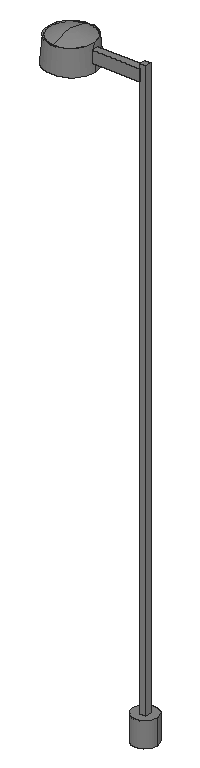
Revit family "M_Iluminação de rua - Padrão", category Luminárias, Revit 2019
Family settings
  Cota do conector redondo = Utilizar diâmetro
  Tipo de parte = Normal
  Número OmniClass = 23.80.70.14.21
  Título OmniClass = Street and Roadway Lighting
  ID de item do Seek = Street Light - Standard-0000-CAN-ENU
  Com base no plano de trabalho = Não
  Sempre na vertical = Sim
  Corte com vazios quando carregada = Não
  Fonte luminosa = Sim
  Compartilhado = Não
  Ponto de cálculo do ambiente = Não
Parameters (values of type "250W Sódio - 480V")
  Wattage = 250 W
  built-in parameter 1150110 = 1 (stored number, unit not read)
  built-in parameter 1114217 = 1 (stored number, unit not read)
  built-in parameter 1150109 = 1 (stored number, unit not read)
  built-in parameter 1150134 = 12
  built-in parameter 1150113 = 1 (stored number, unit not read)
  Tilt Angle = 90.00°
  Arquivo de rede fotométrica = "SLS1ET18.ies"
  built-in parameter 1150115 = 1 (stored number, unit not read)
  built-in parameter 1150105 = 2307.7 (stored number, unit not read)
  Classificação de carga = Iluminação - Externa
  built-in parameter 1150137 = 1
  built-in parameter 1150139 = (empty or 0)
  built-in parameter 1150112 = 1 (stored number, unit not read)
  built-in parameter 1150114 = 1 (stored number, unit not read)
  built-in parameter 1150132 = (empty or 0)
  built-in parameter 1150102 = (empty or 0)
  built-in parameter 1150138 = (empty or 0)
  built-in parameter 1150107 = 4000 (stored number, unit not read)
  built-in parameter 1150106 = 23.077 (stored number, unit not read)
  Altura = 7500 mm
  Lâmpada = "E-18"
  Lumens = 29000 lm
  Comentários de voltagem = "250"
  built-in parameter 1150104 = 10.777 (stored number, unit not read)
  Troca de temperatura da cor de lâmpada com esmaecimento = <Nenhum>
  Filtro de cor = 16777215
  Voltagem do transformador = 480 V
  Transformador por número de postes = 3
  built-in parameter 1114218 = 1 (stored number, unit not read)
  built-in parameter 1150133 = 10 (stored number, unit not read)
  Apparent Load = 250 VA
Types (10, lengths in mm): name | Wattage | built-in parameter 1150134 | Tilt Angle | Arquivo de rede fotométrica | built-in parameter 1150105 | built-in parameter 1150107 | built-in parameter 1150106 | Lâmpada | Lumens | Comentários de voltagem | built-in parameter 1150104 | Voltagem do transformador | Transformador por número de postes | Apparent Load
  (no name) | 250 W | 12 | 90.00° | "SLS1ET18.ies" | 2307.7 (stored number, unit not read) | 4000 (stored number, unit not read) | 23.077 (stored number, unit not read) | "E-18" | 29000 lm | "250" | 10.777 (stored number, unit not read) | 480 V | 3 | 250 VA
  400W Halógeno - 120V | 400 W | 3 | -90.00° | "SLS1T3.ies" | 795.77 (stored number, unit not read) | 3200 (stored number, unit not read) | 7.9577 (stored number, unit not read) | "T-3" | 10000 lm | "400" | 2.3226 (stored number, unit not read) | 120 V | 1 | 400 VA
  250W Sódio - 120V | 250 W | 13 | 90.00° | "SLS1ET18.ies" | 2307.7 (stored number, unit not read) | 2100 (stored number, unit not read) | 23.077 (stored number, unit not read) | "E-18" | 29000 lm | "250" | 10.777 (stored number, unit not read) | 120 V | 1 | 250 VA
  250W Halógeno - 120V | 250 W | 3 | -90.00° | "SLS1T4.IES" | 397.89 (stored number, unit not read) | 3200 (stored number, unit not read) | 3.9789 (stored number, unit not read) | "T-4" | 5000 lm | "250" | 1.8581 (stored number, unit not read) | 120 V | 1 | 250 VA
  250W Halógeno - 277V | 250 W | 3 | -90.00° | "SLS1T4.IES" | 397.89 (stored number, unit not read) | 3200 (stored number, unit not read) | 3.9789 (stored number, unit not read) | "T-4" | 5000 lm | "250" | 1.8581 (stored number, unit not read) | 277 V | 1 | 250 VA
  250W Halógeno - 480V | 250 W | 3 | -90.00° | "SLS1T4.IES" | 397.89 (stored number, unit not read) | 3200 (stored number, unit not read) | 3.9789 (stored number, unit not read) | "T-4" | 5000 lm | "250" | 1.8581 (stored number, unit not read) | 480 V | 3 | 250 VA
  250W Sódio - 277V | 250 W | 13 | 90.00° | "SLS1ET18.ies" | 2307.7 (stored number, unit not read) | 2100 (stored number, unit not read) | 23.077 (stored number, unit not read) | "E-18" | 29000 lm | "250" | 10.777 (stored number, unit not read) | 277 V | 1 | 250 VA
  250W Sódio - 480V | 250 W | 12 | 90.00° | "SLS1ET18.ies" | 2307.7 (stored number, unit not read) | 4000 (stored number, unit not read) | 23.077 (stored number, unit not read) | "E-18" | 29000 lm | "250" | 10.777 (stored number, unit not read) | 480 V | 3 | 250 VA
  400W Halógeno - 277V | 400 W | 3 | -90.00° | "SLS1T3.ies" | 795.77 (stored number, unit not read) | 3200 (stored number, unit not read) | 7.9577 (stored number, unit not read) | "T-3" | 10000 lm | "400" | 2.3226 (stored number, unit not read) | 277 V | 1 | 400 VA
  400W Halógeno - 480V | 400 W | 3 | -90.00° | "SLS1T3.ies" | 795.77 (stored number, unit not read) | 3200 (stored number, unit not read) | 7.9577 (stored number, unit not read) | "T-3" | 10000 lm | "400" | 2.3226 (stored number, unit not read) | 480 V | 3 | 400 VA
Reference planes
  plane 1 "Eixo de origem da luz": y = 0
  plane 2: z = 0
  plane 3 "Centro": x = 0
  plane 4: z = 7500
  plane 5 "Elevação da origem da luz": z = 7195.2
  plane 6 "Base": z = 304.8
  plane 7 "Eixo de origem da luz": x = -914.4
  plane 8 "Superior": z = 7449.2
  plane 9: z = 7296.8
  plane 10: y = 0
  plane 11: y = 0
Forms (mm)
  Extrusion 1, solid, material "Aço, acabamento de pintura, cinza escuro, fosco"
    sketch origin (0, 0, 0) x (1, 0, 0) y (0, 1, 0)
      loop
        circle (0, 0) r 152.4
    from 0 to 304.8
  Extrusion 2, solid, material "Aço, acabamento de pintura, cinza escuro, fosco"
    sketch origin (0, 0, 0) x (1, 0, 0) y (0, 1, 0)
      loop
        line (-38.1, 38.1) -> (-38.1, -38.1) -> (38.1, -38.1) -> (38.1, 38.1) -> (-38.1, 38.1)
    from 304.8 to 7500
  Extrusion 3, solid, material "Aço, acabamento de pintura, cinza escuro, fosco"
    sketch origin (0, 0, 0) x (1, 0, 0) y (0, 1, 0)
      loop
        line (-38.1, 38.1) -> (-914.4, 38.1) -> (-914.4, -38.1) -> (-38.1, -38.1) -> (-38.1, 38.1)
    from 7296.8 to 7449.2
  Blend 4, solid, material "Aço, acabamento de pintura, cinza escuro, fosco"
    base sketch origin (0, 0, 0) x (1, 0, 0) y (0, 1, 0)
      loop
        circle (-914.4, 0) r 304.8
    top sketch origin (0, 0, 0) x (1, 0, 0) y (0, 1, 0)
      loop
        circle (-914.4, 0) r 279.4
    from 7195.2 to 7500
  Revolve 5, solid, material "Vidro, Jateado"
    sketch origin (-914.4, 0, 0) x (0, 0, -1) y (0, -1, 0)
      loop
        arc (-7195.2, -266.7) -> (-7144.968, -137.236) -> (-7123.738, 0) r 642.256
        line (-7123.738, 0) -> (-7136.438, 0) -> (-7195.2, -228.633) -> (-7195.2, -266.7)
      axis (-7195.2, 0) -> (-7123.738, 0)
    angle from 0 to 360
  Revolve 6, solid, material "Aço, acabamento de pintura, cinza escuro, fosco"
    sketch origin (-914.4, 0, 14935.2) x (0, 0, 1) y (0, 1, 0)
      loop
        line (-7435.2, 266.7) -> (-7435.2, 228.633) -> (-7376.438, 0) -> (-7363.738, 0)
        arc (-7363.738, 0) -> (-7384.968, 137.236) -> (-7435.2, 266.7) r 642.256
      axis (-7435.2, 0) -> (-7363.738, 0)
    angle from 0 to 360
Lines and regions (mm)
  Masking region 1
    outline origin (0, 0, 0) x (1, 0, 0) y (0, 1, 0)
      loop
        arc (-611.949, 38.1) -> (-933.487, 304.243) -> (-1219.241, 0) r 304.841
        arc (-1219.241, 0) -> (-933.487, -304.243) -> (-611.949, -38.1) r 304.841
        line (-611.949, -38.1) -> (38.1, -38.1) -> (38.1, 38.1) -> (-611.949, 38.1)
  Masking region 2
    outline origin (0, 0, 304.8) x (1, 0, 0) y (0, 1, 0)
      loop
        circle (0, 0) r 152.4
  symbolic lines, style "Exterior"
    curve 1: arc (152.4, 0, 304.8) -> (19.203, 151.185, 304.8) -> (-147.561, 38.1, 304.8) r 152.4
    curve 2: arc (-147.561, -38.1, 304.8) -> (19.203, -151.185, 304.8) -> (152.4, 0, 304.8) r 152.4
    curve 3: arc (12.7, 0, 0) -> (0, 12.7, 0) -> (-12.7, 0, 0) r 12.7
    curve 4: arc (-12.7, 0, 0) -> (0, -12.7, 0) -> (12.7, 0, 0) r 12.7
    curve 5: line (38.1, 38.1, 0) -> (-611.949, 38.1, 0)
    curve 6: line (38.1, -38.1, 0) -> (38.1, 38.1, 0)
    curve 7: line (-611.949, -38.1, 0) -> (38.1, -38.1, 0)
    curve 8: arc (-611.949, 38.1, 0) -> (-933.487, 304.243, 0) -> (-1219.241, 0, 0) r 304.841
    curve 9: arc (-1219.241, 0, 0) -> (-933.487, -304.243, 0) -> (-611.949, -38.1, 0) r 304.841
    curve 10: arc (-634.935, 0, 0) -> (-914.4, 279.465, 0) -> (-1193.865, 0, 0) r 279.465
    curve 11: arc (-1193.865, 0, 0) -> (-914.4, -279.465, 0) -> (-634.935, 0, 0) r 279.465
Dimensions and locks
  "Altura": plane 4 to plane 2
  plane 7 "Eixo de origem da luz" to plane 3 "Centro" = 914.4 mm
  locked: plane 4 to plane 8 "Superior" at 50.8
  locked: plane 8 "Superior" to plane 9 at 152.4
  locked: plane 9 to plane 5 "Elevação da origem da luz" at 101.6
  aligned and locked: Extrusion 2 to Extrusion 1
  aligned and locked: Extrusion 2 to plane 4
  aligned and locked: Extrusion 3 sketch curve to Extrusion 2  (x2)
  aligned and locked: plane 7 "Eixo de origem da luz" to Extrusion 3 sketch curve
  aligned and locked: plane 9 to Extrusion 3
  aligned and locked: plane 5 "Elevação da origem da luz" to Blend 4
  aligned and locked: Blend 4 to plane 4
  aligned and locked: Extrusion 3 to plane 8 "Superior"
  aligned and locked: Masking region 1 sketch curve to curve 8
  aligned and locked: Masking region 1 sketch curve to curve 5
  aligned and locked: Masking region 1 sketch curve to curve 7
  aligned and locked: Masking region 1 sketch curve to Extrusion 2
  aligned and locked: plane 7 "Eixo de origem da luz" to imposter light
  aligned and locked: imposter light to plane 1 "Eixo de origem da luz"
  aligned and locked: plane 5 "Elevação da origem da luz" to imposter light
Automatic sketch dimensions
  Extrusion 1 sketch curve to plane 1 "Eixo de origem da luz" = 0 mm
  Extrusion 1 sketch curve to plane 3 "Centro" = 0 mm
  Extrusion 1 sketch curve to plane 3 "Centro" = 152.4 mm
  plane 3 "Centro" to Extrusion 2 sketch curve = 38.1 mm
  plane 1 "Eixo de origem da luz" to Extrusion 2 sketch curve = 38.1 mm
  Extrusion 2 sketch curve to plane 1 "Eixo de origem da luz" = 38.1 mm
  Extrusion 2 sketch curve to plane 3 "Centro" = 38.1 mm
  plane 1 "Eixo de origem da luz" to Extrusion 3 sketch curve = 38.1 mm
  Blend 4 sketch curve to plane 1 "Eixo de origem da luz" = 0 mm  (x2)
  Blend 4 sketch curve to plane 7 "Eixo de origem da luz" = 0 mm  (x2)
  Blend 4 sketch curve to Blend 4 sketch curve = 304.8 mm
  Blend 4 sketch curve to Blend 4 sketch curve = 279.4 mm
  Revolve 5 sketch curve to plane 1 "Eixo de origem da luz" = 0 mm  (x2)
  Revolve 5 sketch curve to plane 5 "Elevação da origem da luz" = 0 mm  (x2)
  plane 9 to Revolve 5 sketch curve = 25.4 mm
  plane 1 "Eixo de origem da luz" to Revolve 5 sketch curve = 28.992 mm
  Revolve 5 sketch curve to plane 4 = 265.339 mm
  plane 5 "Elevação da origem da luz" to Revolve 5 sketch curve = 58.762 mm
  Revolve 5 sketch curve to Revolve 5 sketch curve = 12.7 mm
  Revolve 5 sketch curve to Revolve 5 sketch curve = 38.067 mm
  Revolve 6 sketch curve to plane 1 "Eixo de origem da luz" = 0 mm  (x2)
  plane 5 "Elevação da origem da luz" to Revolve 6 sketch curve = 265.339 mm
  plane 4 to Revolve 6 sketch curve = 76.2 mm
  Revolve 6 sketch curve to Revolve 6 sketch curve = 76.2 mm
  Revolve 6 sketch curve to plane 4 = 0 mm
  Revolve 6 sketch curve to Revolve 6 sketch curve = 58.762 mm
  Revolve 6 sketch curve to Revolve 6 sketch curve = 12.7 mm
  plane 1 "Eixo de origem da luz" to Revolve 6 sketch curve = 28.992 mm
  Revolve 6 sketch curve to Revolve 6 sketch curve = 38.067 mm
  curve 8 to curve 9 = 0 mm
  curve 8 to curve 10 = 0 mm  (x2)
  curve 9 to plane 1 "Eixo de origem da luz" = 0 mm
  curve 8 to plane 7 "Eixo de origem da luz" = 0 mm
  curve 3 to plane 1 "Eixo de origem da luz" = 0 mm
  plane 7 "Eixo de origem da luz" to curve 11 = 279.465 mm
  curve 8 to curve 10 = 25.376 mm
  plane 1 "Eixo de origem da luz" to curve 9 = 38.1 mm
  curve 3 to plane 3 "Centro" = 12.7 mm
  plane 3 "Centro" to curve 5 = 38.1 mm
  Masking region 1 sketch curve to Masking region 1 sketch curve = 0 mm
  Masking region 2 sketch curve to plane 1 "Eixo de origem da luz" = 0 mm
  Masking region 2 sketch curve to plane 3 "Centro" = 0 mm
  Masking region 2 sketch curve to plane 3 "Centro" = 152.4 mm
  curve 8 to plane 1 "Eixo de origem da luz" = 38.1 mm
  curve 1 to plane 1 "Eixo de origem da luz" = 0 mm
  curve 1 to plane 3 "Centro" = 0 mm
  curve 1 to plane 3 "Centro" = 147.561 mm
  curve 4 to plane 3 "Centro" = 0 mm
  curve 1 to curve 2 = 0 mm
  plane 1 "Eixo de origem da luz" to curve 2 = 38.1 mm
  curve 2 to curve 1 = 0 mm
Connectors
  electrical at (-914.4, 0, 7500), driven by "Apparent Load", driven by "Voltagem do transformador", driven by "Transformador por número de postes", driven by "Classificação de carga"
    settings: on Blend 4, index 1, voltage 480 V, apparent load 0 VA, apparent load phase1 250 VA, apparent load phase2 0 VA, apparent load phase3 0 VA, power factor 0.95, load classification "Iluminação - Externa", number of poles 3, system type 31, power factor state 1, is connector primary yes, connector utility no, sub classification motor no, connector description ""
